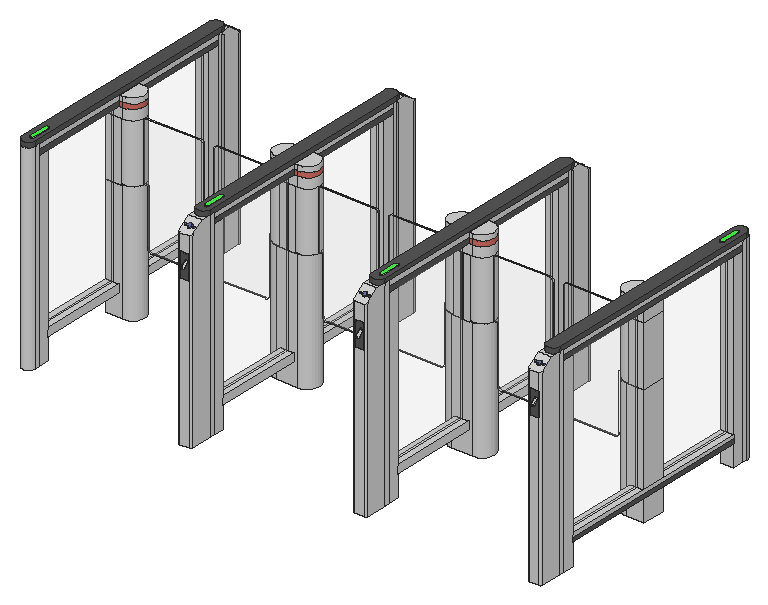
Revit family "ST-11", category Generic Models, Revit 2019
Family settings
  Can host rebar = No
  Round Connector Dimension = Use Diameter
  Part Type = Normal
  Work Plane-Based = No
  Always vertical = Yes
  Cut with Voids When Loaded = No
  Shared = No
  Room Calculation Point = No
Parameters (values of type "3 or more passes")
  Width 6b [instance] = Width 1 + Width 2a + Width 3a + Width 4a + Width 5a + Width 6a  # 2631 mm
  Width 6a [instance] = if(Number of passes in fact > 5, Width 6, 0 mm)  # 0 mm
  Width 6 [instance] = if(or(Pass type 6 = Type1, Pass type 6 = Type2), 877 mm, if(Pass type 6 = Type3, 1127 mm, if(Pass type 6 = Type4, 1227 mm, 0 mm)))  # 877 mm
  Width 5a [instance] = if(Number of passes in fact > 4, Width 5, 0 mm)  # 0 mm
  Width 5 [instance] = if(or(Pass type 5 = Type1, Pass type 5 = Type2), 877 mm, if(Pass type 5 = Type3, 1127 mm, if(Pass type 5 = Type4, 1227 mm, 0 mm)))  # 877 mm
  Width 4a [instance] = if(Number of passes in fact > 3, Width 4, 0 mm)  # 0 mm
  Width 4 [instance] = if(or(Pass type 4 = Type1, Pass type 4 = Type2), 877 mm, if(Pass type 4 = Type3, 1127 mm, if(Pass type 4 = Type4, 1227 mm, 0 mm)))  # 877 mm
  Width 3a [instance] = if(Number of passes in fact > 2, Width 3, 0 mm)  # 877 mm
  Width 3 [instance] = if(or(Pass type 3 = Type1, Pass type 3 = Type2), 877 mm, if(Pass type 3 = Type3, 1127 mm, if(Pass type 3 = Type4, 1227 mm, 0 mm)))  # 877 mm
  Width 2a [instance] = if(Number of passes in fact > 1, Width 2, 0 mm)  # 877 mm
  Width 2 [instance] = if(or(Pass type 2 = Type1, Pass type 2 = Type2), 877 mm, if(Pass type 2 = Type3, 1127 mm, if(Pass type 2 = Type4, 1227 mm, 0 mm)))  # 877 mm
  Width 1 [instance] = if(or(Pass type 1 = Type1, Pass type 1 = Type2), 877 mm, if(Pass type 1 = Type3, 1127 mm, if(Pass type 1 = Type4, 1227 mm, 0 mm)))  # 877 mm
  Type4 [instance] = Sash for ST-11 : ATG-475
  Type3 [instance] = Sash for ST-11 : ATG-425
  Type2 [instance] = Sash for ST-11 : ATG-300H
  Type1 [instance] = Sash for ST-11 : ATG-300
  Voltage = 24 V
  URL = "https://www.perco.com/products/st-11-speed-gate.php"
  Throughput rate [instance] = if(Number of passes = 1, " to 60 persons/min", if(Number of passes = 2, " to 120 persons/min", if(Number of passes = 3, " to 180 persons/min", if(Number of passes = 4, " to 240 persons/min", if(Number of passes = 5, " to 300 persons/min", if(Number of passes = 6, " to 360 persons/min", "0"))))))  # " to 180 persons/min"
  Rated power = 160 W
  Pass type 6 [instance] = Sash for ST-11 : ATG-300
  Pass type 5 [instance] = Sash for ST-11 : ATG-300
  Pass type 4 [instance] = Sash for ST-11 : ATG-300
  Pass type 3 [instance] = Sash for ST-11 : ATG-300
  Pass type 2 [instance] = Sash for ST-11 : ATG-300
  Pass type 1 [instance] = Sash for ST-11 : ATG-300
  Panel type 7 exit section [instance] = Panel FP-11C : Panel FP-11C
  Panel type 6 exit section [instance] = Panel FP-11C : Panel FP-11C
  Panel type 6 entry section [instance] = Panel FP-11C : Panel FP-11C
  Panel type 5 exit section [instance] = Panel FP-11C : Panel FP-11C
  Panel type 5 entry section [instance] = Panel FP-11C : Panel FP-11C
  Panel type 4 exit section [instance] = Panel FP-11C : Panel FP-11C
  Panel type 4 entry section [instance] = Panel FP-11C : Panel FP-11C
  Panel type 3 exit section [instance] = Panel FP-11C : Panel FP-11C
  Panel type 3 entry section [instance] = Panel FP-11C : Panel FP-11C
  Panel type 2 exit section [instance] = Panel FP-11C : Panel FP-11C
  Panel type 2 entry section [instance] = Panel FP-11C : Panel FP-11C
  Panel type 1 entry section [instance] = Panel FP-11C : Panel FP-11C
  Type 7p exit [instance] = if(Panel type 7 exit section = Type 1p, 1, if(Panel type 7 exit section = Type 2p, 2, if(Panel type 7 exit section = Type 3p, 3, 0)))  # 1
  Type 6p exit [instance] = if(Panel type 6 exit section = Type 1p, 1, if(Panel type 6 exit section = Type 2p, 2, if(Panel type 6 exit section = Type 3p, 3, 0)))  # 1
  Type 6p entry [instance] = if(Panel type 6 entry section = Type 1p, 1, if(Panel type 6 entry section = Type 2p, 2, if(Panel type 6 entry section = Type 3p, 3, 0)))  # 1
  Type 5p exit [instance] = if(Panel type 5 exit section = Type 1p, 1, if(Panel type 5 exit section = Type 2p, 2, if(Panel type 5 exit section = Type 3p, 3, 0)))  # 1
  Type 5p entry [instance] = if(Panel type 5 entry section = Type 1p, 1, if(Panel type 5 entry section = Type 2p, 2, if(Panel type 5 entry section = Type 3p, 3, 0)))  # 1
  Type 4p exit [instance] = if(Panel type 4 exit section = Type 1p, 1, if(Panel type 4 exit section = Type 2p, 2, if(Panel type 4 exit section = Type 3p, 3, 0)))  # 1
  Type 4p entry [instance] = if(Panel type 4 entry section = Type 1p, 1, if(Panel type 4 entry section = Type 2p, 2, if(Panel type 4 entry section = Type 3p, 3, 0)))  # 1
  Type 3p exit [instance] = if(Panel type 3 exit section = Type 1p, 1, if(Panel type 3 exit section = Type 2p, 2, if(Panel type 3 exit section = Type 3p, 3, 0)))  # 1
  Type 3p entry [instance] = if(Panel type 3 entry section = Type 1p, 1, if(Panel type 3 entry section = Type 2p, 2, if(Panel type 3 entry section = Type 3p, 3, 0)))  # 1
  Type 2p exit [instance] = if(Panel type 2 exit section = Type 1p, 1, if(Panel type 2 exit section = Type 2p, 2, if(Panel type 2 exit section = Type 3p, 3, 0)))  # 1
  Type 2p entry [instance] = if(Panel type 2 entry section = Type 1p, 1, if(Panel type 2 entry section = Type 2p, 2, if(Panel type 2 entry section = Type 3p, 3, 0)))  # 1
  Type lid [instance] = Lid STC-11M : Lid STC-11M
  Type l [instance] = if(Type lid = Type 1l, 1, if(Type lid = Type 2l, 2, 0))  # 1
  Type 3p [instance] = Panel FP-11Q : Panel FP-11Q
  Type 2p [instance] = Panel FP-11P : Panel FP-11P
  Type 2l [instance] = Lid STC-11S : Lid STC-11S
  Type 1p entry [instance] = if(Panel type 1 entry section = Type 1p, 1, if(Panel type 1 entry section = Type 2p, 2, if(Panel type 1 entry section = Type 3p, 3, 0)))  # 1
  Type 1p [instance] = Panel FP-11C : Panel FP-11C
  Type 1l [instance] = Lid STC-11M : Lid STC-11M
  Sashes 6 [instance] = Pass type 6  # Sash for ST-11 : ATG-300
  Sashes 5 [instance] = Pass type 5  # Sash for ST-11 : ATG-300
  Sashes 4 [instance] = Pass type 4  # Sash for ST-11 : ATG-300
  Sashes 3 [instance] = Pass type 3  # Sash for ST-11 : ATG-300
  Sashes 2 [instance] = Pass type 2  # Sash for ST-11 : ATG-300
  Sashes 1 [instance] = Pass type 1  # Sash for ST-11 : ATG-300
  Number of passes type = 3
  Number of passes in fact [instance] = if(Number of passes type = 1, 1, if(Number of passes type = 2, 2, if(Number of passes < 3, Number of passes type, Number of passes)))  # 3
  Number of passes [instance] = 3
  B sash 6 [instance] = Number of passes in fact > 5  # no
  B sash 5 [instance] = Number of passes in fact > 4  # no
  B sash 4 [instance] = Number of passes in fact > 3  # no
  B sash 3 [instance] = Number of passes in fact > 2  # yes
  B sash 2 [instance] = Number of passes in fact > 1  # yes
  B section 6 [instance] = Number of passes in fact > 5  # no
  B section 5 [instance] = Number of passes in fact > 4  # no
  B section 4 [instance] = Number of passes in fact > 3  # no
  B section 3 [instance] = Number of passes in fact > 2  # yes
  B section 2 [instance] = Number of passes in fact > 1  # yes
  Note = ""
  Name = "ST-11 Speed gate"
  Manufacturer = "PERCo"  # constant formula
  Full name = "ST-11 Speed Gate"
Types (4, lengths in mm): name | Width 6b | Width 3a | Width 2a | Throughput rate | Number of passes type | Number of passes in fact | Number of passes | B sash 3 | B sash 2 | B section 3 | B section 2
  (no name) | 2631 | 877 | 877 | " to 180 persons/min" | 3 | 3 | 3 | yes | yes | yes | yes
  1 pass | 877 | 0 | 0 | " to 60 persons/min" | 1 | 1 | 1 | no | no | no | no
  2 passes | 1754 | 0 | 877 | " to 60 persons/min" | 2 | 2 | 1 | no | yes | no | yes
  3 or more passes | 2631 | 877 | 877 | " to 180 persons/min" | 3 | 3 | 3 | yes | yes | yes | yes
Reference planes
  plane 1 "По центру (Вперед/Назад)": y = 0
  plane 2: z = 0
  plane 3 "По центру (Влево/Вправо)": x = 0
  plane 4: x = 877
  plane 5: x = 1754
  plane 6: x = 2631
  plane 7: x = 3508
  plane 8: x = 4385
  plane 9: x = 2631
  plane 10: x = 113.5
  plane 11: x = 763.5
  plane 12: x = 990.5
  plane 13: x = 1640.5
  plane 14: x = 1867.5
  plane 15: x = 2517.5
  plane 16: x = 2744.5
  plane 17: x = 3394.5
  plane 18: x = 3621.5
  plane 19: x = 4271.5
  plane 20: x = 4498.5
  plane 21: x = 2517.5
  plane 22: x = 2631
  plane 23: x = 438.5
Lines and regions (mm)
  model lines
    curve 1: line (0, 0, 0) -> (0, 0, 70)
    curve 2: line (877, 0, 0) -> (877, 0, 70)
    curve 3: line (1754, 0, 0) -> (1754, 0, 70)
    curve 4: line (2631, 0, 0) -> (2631, 0, 70)
    curve 5: line (3508, 0, 0) -> (3508, 0, 70)
    curve 6: line (4385, 0, 0) -> (4385, 0, 70)
    curve 7: line (2631, 0, 0) -> (2631, 0, 70)
Dimensions and locks
  "Width 1": plane 3 "По центру (Влево/Вправо)" to plane 4
  "Width 2": plane 4 to plane 5
  "Width 3": plane 5 to plane 6
  "Width 4": plane 6 to plane 7
  "Width 5": plane 7 to plane 8
  "Width 6b": plane 3 "По центру (Влево/Вправо)" to plane 9
  locked: plane 3 "По центру (Влево/Вправо)" to plane 10 at 113.5
  plane 11 to plane 4 to plane 12 = 113.5 mm locked, 113.5 mm locked
  plane 13 to plane 5 to plane 14 = 113.5 mm locked, 113.5 mm locked
  plane 15 to plane 6 to plane 16 = 113.5 mm locked, 113.5 mm locked
  plane 17 to plane 7 to plane 18 = 113.5 mm locked, 113.5 mm locked
  plane 19 to plane 8 to plane 20 = 113.5 mm locked, 113.5 mm locked
  locked: plane 21 to plane 9 at 113.5
  equal spacing: plane 3 "По центру (Влево/Вправо)", plane 23, plane 4
  aligned and locked: level to plane 2
  aligned and locked: plane 9 to nested 7
  aligned and locked: plane 1 "По центру (Вперед/Назад)" to nested 7
  aligned and locked: plane 8 to nested 6
  aligned and locked: plane 1 "По центру (Вперед/Назад)" to nested 6
  aligned and locked: plane 7 to nested 5
  aligned and locked: plane 1 "По центру (Вперед/Назад)" to nested 5
  aligned and locked: plane 6 to nested 4
  aligned and locked: plane 1 "По центру (Вперед/Назад)" to nested 4
  aligned and locked: plane 5 to nested 3
  aligned and locked: plane 1 "По центру (Вперед/Назад)" to nested 3
  aligned and locked: plane 4 to nested 2
  aligned and locked: plane 1 "По центру (Вперед/Назад)" to nested 2
  aligned and locked: plane 3 "По центру (Влево/Вправо)" to nested 1
  aligned and locked: plane 1 "По центру (Вперед/Назад)" to nested 1
  aligned and locked: nested 8 to plane 10
  aligned and locked: plane 18 to nested 12
  aligned and locked: plane 16 to nested 11
  aligned and locked: plane 14 to nested 10
  aligned and locked: nested 19 to plane 21
  aligned and locked: nested 18 to plane 19
  aligned and locked: nested 17 to plane 17
  aligned and locked: nested 16 to plane 15
  aligned and locked: nested 15 to plane 13
  aligned and locked: nested 14 to plane 11
  aligned and locked: plane 12 to nested 9
  aligned and locked: plane 20 to nested 13
  aligned and locked: plane 3 "По центру (Влево/Вправо)" to curve 1
  aligned and locked: plane 4 to curve 2
  aligned and locked: plane 5 to curve 3
  aligned and locked: plane 6 to curve 4
  aligned and locked: plane 7 to curve 5
  aligned and locked: plane 8 to curve 6
  aligned and locked: plane 9 to curve 7
  aligned and locked: plane 23 to nested 20
Automatic sketch dimensions
  curve 1 to level = 0 mm
  curve 6 to level = 0 mm
  curve 2 to level = 0 mm
  curve 5 to level = 0 mm
  curve 3 to level = 0 mm
  curve 4 to level = 0 mm
  curve 7 to level = 0 mm
  level to curve 2 = 70 mm
  level to curve 5 = 70 mm
  level to curve 1 = 70 mm
  level to curve 6 = 70 mm
  level to curve 4 = 70 mm
  level to curve 3 = 70 mm
  level to curve 7 = 70 mm
Nested families
  nested 1: "Section Master-ST 11" at (0, 0, 0), type "Section Master-ST 11"
    with Type3p none, Type2p none, Type2 none, Type1p none, Type1 none, Type panel none, Type p entry 1, Type lid none, Type 1
  nested 2: "Section Bilateral-ST 11" at (877, 0, 0), visible <- "B section 2", type "Section Bilateral-ST 11"
    with Type3p none, Type2p none, Type2 none, Type1p none, Type1 none, Type panel exit none, Type panel entry none, Type p exit 1, Type p entry 1, Type lid none, Type 1
  nested 3: "Section Bilateral-ST 11" at (1754, 0, 0), visible <- "B section 3", type "Section Bilateral-ST 11"
    with Type3p none, Type2p none, Type2 none, Type1p none, Type1 none, Type panel exit none, Type panel entry none, Type p exit 1, Type p entry 1, Type lid none, Type 1
  nested 4: "Section Bilateral-ST 11" at (2631, 0, 0), visible <- "B section 4", type "Section Bilateral-ST 11"
    with Type3p none, Type2p none, Type2 none, Type1p none, Type1 none, Type panel exit none, Type panel entry none, Type p exit 1, Type p entry 1, Type lid none, Type 1
  nested 5: "Section Bilateral-ST 11" at (3508, 0, 0), visible <- "B section 5", type "Section Bilateral-ST 11"
    with Type3p none, Type2p none, Type2 none, Type1p none, Type1 none, Type panel exit none, Type panel entry none, Type p exit 1, Type p entry 1, Type lid none, Type 1
  nested 6: "Section Bilateral-ST 11" at (4385, 0, 0), visible <- "B section 6", type "Section Bilateral-ST 11"
    with Type3p none, Type2p none, Type2 none, Type1p none, Type1 none, Type panel exit none, Type panel entry none, Type p exit 1, Type p entry 1, Type lid none, Type 1
  nested 7: "Section Slave-ST 11" at (2631, 0, 0), type "Sectionя Slave-ST 11"
    with Type3p none, Type2p none, Type2 none, Type1p none, Type1 none, Type panel none, Type p entry 1, Type lid none, Type 1
  nested 8: "Sash for ST-11" at (113.5, 0, 0), type <- "Sashes 1", type "ATG-300"
  nested 9: "Sash for ST-11" at (990.5, 0, 0), type <- "Sashes 2", visible <- "B sash 2", type "ATG-300"
  nested 10: "Sash for ST-11" at (1867.5, 0, 0), type <- "Sashes 3", visible <- "B sash 3", type "ATG-300"
  nested 11: "Sash for ST-11" at (2744.5, 0, 0), type <- "Sashes 4", visible <- "B sash 4", type "ATG-300"
  nested 12: "Sash for ST-11" at (3621.5, 0, 0), type <- "Sashes 5", visible <- "B sash 5", type "ATG-300"
  nested 13: "Sash for ST-11" at (4498.5, 0, 0), type <- "Sashes 6", visible <- "B sash 6", type "ATG-300"
  nested 14: "Sash for ST-11" at (763.5, 0, 0) x (-1, 0, 0) z (0, 0, 1), type <- "Sashes 1", type "ATG-300"
  nested 15: "Sash for ST-11" at (1640.5, 0, 0) x (-1, 0, 0) z (0, 0, 1), type <- "Sashes 2", visible <- "B sash 2", type "ATG-300"
  nested 16: "Sash for ST-11" at (2517.5, 0, 0) x (-1, 0, 0) z (0, 0, 1), type <- "Sashes 3", visible <- "B sash 3", type "ATG-300"
  nested 17: "Sash for ST-11" at (3394.5, 0, 0) x (-1, 0, 0) z (0, 0, 1), type <- "Sashes 4", visible <- "B sash 4", type "ATG-300"
  nested 18: "Sash for ST-11" at (4271.5, 0, 0) x (-1, 0, 0) z (0, 0, 1), type <- "Sashes 5", visible <- "B sash 5", type "ATG-300"
  nested 19: "Sash for ST-11" at (2517.5, 0, 0) x (-1, 0, 0) z (0, 0, 1), type <- "Sashes 6", visible <- "B sash 6", type "ATG-300"
  nested 20: "Arrow" at (438.5, 600, 0), type "Arrow"
Connectors
  electrical at (0, 0, 0)
    settings: on curve 1, index 1, voltage 24 V, apparent load 160 VA, apparent load phase1 0 VA, apparent load phase2 0 VA, apparent load phase3 0 VA, power factor 1, load classification "Others", number of poles 1, system type 30, power factor state 1, is connector primary yes, connector utility no, sub classification motor no, connector description ""
  electrical at (877, 0, 0)
    settings: on curve 2, index 2, voltage 24 V, apparent load 160 VA, apparent load phase1 0 VA, apparent load phase2 0 VA, apparent load phase3 0 VA, power factor 1, load classification "Others", number of poles 1, system type 30, power factor state 1, is connector primary no, connector utility no, sub classification motor no, connector description ""
  electrical at (1754, 0, 0)
    settings: on curve 3, index 3, voltage 24 V, apparent load 160 VA, apparent load phase1 0 VA, apparent load phase2 0 VA, apparent load phase3 0 VA, power factor 1, load classification "Others", number of poles 1, system type 30, power factor state 1, is connector primary no, connector utility no, sub classification motor no, connector description ""
  electrical at (2631, 0, 0)
    settings: on curve 4, index 4, voltage 24 V, apparent load 160 VA, apparent load phase1 0 VA, apparent load phase2 0 VA, apparent load phase3 0 VA, power factor 1, load classification "Others", number of poles 1, system type 30, power factor state 1, is connector primary no, connector utility no, sub classification motor no, connector description ""
  electrical at (3508, 0, 0)
    settings: on curve 5, index 5, voltage 24 V, apparent load 160 VA, apparent load phase1 0 VA, apparent load phase2 0 VA, apparent load phase3 0 VA, power factor 1, load classification "Others", number of poles 1, system type 30, power factor state 1, is connector primary no, connector utility no, sub classification motor no, connector description ""
  electrical at (4385, 0, 0)
    settings: on curve 6, index 6, voltage 24 V, apparent load 160 VA, apparent load phase1 0 VA, apparent load phase2 0 VA, apparent load phase3 0 VA, power factor 1, load classification "Others", number of poles 1, system type 30, power factor state 1, is connector primary no, connector utility no, sub classification motor no, connector description ""
  electrical at (2631, 0, 0)
    settings: on curve 7, index 7, voltage 24 V, apparent load 160 VA, apparent load phase1 0 VA, apparent load phase2 0 VA, apparent load phase3 0 VA, power factor 1, load classification "Others", number of poles 1, system type 30, power factor state 1, is connector primary no, connector utility no, sub classification motor no, connector description ""
Definition of nested family "Section Master-ST 11"
  Parameters (values of type "Section Master-ST 11")
    Type3p [instance] = Panel FP-11Q : Panel FP-11Q
    Type2p [instance] = Panel FP-11P : Panel FP-11P
    Type2 [instance] = Lid STC-11S : Master
    Type1p [instance] = Panel FP-11C : Panel FP-11C
    Type1 [instance] = Lid STC-11M : Master
    Type panel [instance] = if(Type p entry = 1, Type1p, if(Type p entry = 2, Type2p, if(Type p entry = 3, Type3p, Type1p)))  # Panel FP-11C : Panel FP-11C
    Type p entry [instance] = 1
    Type lid [instance] = if(Type = 1, Type1, if(Type = 2, Type2, Type1))  # Lid STC-11M : Master
    Type [instance] = 1
    URL = "https://www.perco.com/products/st-11-speed-gate.php"
    Throughput rate = "60 persons/min"
    Operating temperature = "from +1°С to +50°С"
    Name = "ST-11 Speed gate"
    Manufacturer = "PERCo"  # constant formula
    Full name = "ST-11 Speed Gate"
    Electrical connection = "220 V"
    Dimensions = "1236×944×1022 mm with ATG-300 Swing panels"
    Current = "6,5 A"
    Rated power = "160 W"
    Operating voltage = "24 V DC"
    Material = "Sections – stainless steel.\r\nFiller panels – 8 mm tempered glass.\r\nTop covers – artificial quartz stone or stainless steel."
    Weight = "from 136 kg"
    Numbers = 1
    Unit of measurement = "pcs"
  Reference planes
    plane 1 "По центру (Вперед/Назад)": y = 0
    plane 2: z = 0
    plane 3 "По центру (Влево/Вправо)": x = 0
  Forms (mm)
    Extrusion 1, solid
      sketch origin (0, 0, 0) x (1, 0, 0) y (0, 1, 0)
        loop
          line (-33.5, 564.5) -> (33.5, 564.5) -> (33.5, 584.5)
          arc (33.5, 584.5) -> (0, 618) -> (-33.5, 584.5) r 33.5
          line (-33.5, 584.5) -> (-33.5, 564.5)
        loop
          line (-33.5, -564.5) -> (-33.5, -584.5)
          arc (-33.5, -584.5) -> (0, -618) -> (33.5, -584.5) r 33.5
          line (33.5, -584.5) -> (33.5, -564.5) -> (-33.5, -564.5)
      from 0 to 1000
    Extrusion 2, solid
      sketch origin (0, 0, 0) x (1, 0, 0) y (0, 1, 0)
        loop
          line (-33.5, 564.5) -> (-33.5, -564.5) -> (33.5, -564.5) -> (33.5, 564.5) -> (-33.5, 564.5)
      from 975 to 1000
    Extrusion 3, solid
      sketch origin (0, 0, 0) x (1, 0, 0) y (0, 1, 0)
        loop
          line (-33.5, 564.5) -> (-33.5, -564.5) -> (33.5, -564.5) -> (33.5, 564.5) -> (-33.5, 564.5)
      from 950 to 975
    Extrusion 4, solid
      sketch origin (0, 0, 0) x (1, 0, 0) y (0, 1, 0)
        loop
          line (-33.5, 564.5) -> (-33.5, 504.513) -> (33.5, 504.513) -> (33.5, 564.5) -> (-33.5, 564.5)
        loop
          line (-33.5, -504.513) -> (-33.5, -564.5) -> (33.5, -564.5) -> (33.5, -504.513) -> (-33.5, -504.513)
      from 0 to 950
    Extrusion 5, solid
      sketch origin (0, 0, 0) x (1, 0, 0) y (0, 1, 0)
        loop
          line (-33.5, 504.513) -> (-33.5, -504.513) -> (33.5, -504.513) -> (33.5, 504.513) -> (-33.5, 504.513)
      from 130 to 150
    Extrusion 6, solid
      sketch origin (0, 0, 0) x (1, 0, 0) y (0, 1, 0)
        loop
          line (-33.5, 504.513) -> (-33.5, -504.513) -> (33.5, -504.513) -> (33.5, 504.513) -> (-33.5, 504.513)
      from 110 to 130
    Extrusion 7, solid
      sketch origin (-26.5, 0, 0) x (1, 0, 0) y (0, 1, 0)
        loop
          arc (80, -60) -> (140, 0) -> (80, 60) r 60
          line (80, 60) -> (-7, 60) -> (-7, -60) -> (80, -60)
      from 0 to 600
    Extrusion 8, solid
      sketch origin (-21.5, 0, 0) x (1, 0, 0) y (0, 1, 0)
        loop
          circle (80, 0) r 55
      from 601 to 899
    Extrusion 9, solid
      sketch origin (-26.5, 0, 0) x (1, 0, 0) y (0, 1, 0)
        loop
          arc (80, -60) -> (140, 0) -> (80, 60) r 60
          line (80, 60) -> (-7, 60) -> (-7, -60) -> (80, -60)
      from 900 to 950
    Extrusion 10, solid
      sketch origin (-15, 0, 0) x (1, 0, 0) y (0, 1, 0)
        loop
          arc (15, 0) -> (25.917, 36.056) -> (55, 60) r 65
          line (55, 60) -> (-18.5, 60) -> (-18.5, -60) -> (55, -60)
          arc (55, -60) -> (25.917, -36.056) -> (15, 0) r 65
      from 600 to 900
    Extrusion 11, solid
      sketch origin (-26.5, 0, 0) x (1, 0, 0) y (0, 1, 0)
        loop
          line (80, 60) -> (60, 60) -> (60, -60) -> (80, -60)
          arc (80, -60) -> (140, 0) -> (80, 60) r 60
      from 975 to 1000
    Extrusion 12, solid
      sketch origin (-26.5, 0, 0) x (1, 0, 0) y (0, 1, 0)
        loop
          line (80, 60) -> (60, 60) -> (60, -60) -> (80, -60)
          arc (80, -60) -> (140, 0) -> (80, 60) r 60
      from 950 to 975
    Extrusion 13, solid
      sketch origin (0, 0, 0) x (0, 1, 0) y (0, 0, 1)
        loop
          line (504.513, 950) -> (60, 950) -> (60, 150) -> (504.513, 150) -> (504.513, 950)
        loop
          line (-60, 150) -> (-60, 950) -> (-504.513, 950) -> (-504.513, 150) -> (-60, 150)
      from -5 to 5
  Cuts and joins
    joined: Extrusion 5, Extrusion 6, Extrusion 7
  Dimensions and locks
    aligned and locked: level to plane 2
  Nested families
    nested 1: "Lid STC-11M" at (0, 0, 1000), type <- "Type lid", type "Master"
    nested 2: "Panel FP-11C" at (0, 564.5, 0), type <- "Type panel", type "Panel FP-11C"
  Definition of nested family "Lid STC-11M"
    Parameters (values of type "Slave")
      Bottom = yes
      Top = no
    Types (3, lengths in mm): name | Bottom | Top
      Master | no | yes
      Slave | yes | no
      Bilateral | yes | yes
    Reference planes
      plane 1 "По центру (Вперед/Назад)": y = 0
      plane 2: z = 0
      plane 3 "По центру (Влево/Вправо)": x = 0
    Forms (mm)
      Extrusion 1, solid
        sketch origin (0, 0, 0) x (1, 0, 0) y (0, 1, 0)
          loop
            arc (-33.5, -584.5) -> (0, -618) -> (33.5, -584.5) r 33.5
            line (33.5, -584.5) -> (33.5, 584.5)
            arc (33.5, 584.5) -> (0, 618) -> (-33.5, 584.5) r 33.5
            line (-33.5, 584.5) -> (-33.5, -584.5)
        from 0 to 22
      Extrusion 2, solid, visible <- "Bottom"
        sketch origin (0, 274.425, 0) x (1, 0, 0) y (0, 1, 0)
          loop
            arc (-10, -837.425) -> (0, -847.425) -> (10, -837.425) r 10
            line (10, -837.425) -> (10, -747.425)
            arc (10, -747.425) -> (0, -737.425) -> (-10, -747.425) r 10
            line (-10, -747.425) -> (-10, -837.425)
        from 22 to 23
      Extrusion 3, solid, visible <- "Top"
        sketch origin (0, -274.425, 0) x (1, 0, 0) y (0, 1, 0)
          loop
            line (-10, 837.425) -> (-10, 747.425)
            arc (-10, 747.425) -> (0, 737.425) -> (10, 747.425) r 10
            line (10, 747.425) -> (10, 837.425)
            arc (10, 837.425) -> (0, 847.425) -> (-10, 837.425) r 10
        from 22 to 23
    Dimensions and locks
      aligned and locked: level to plane 2
  Definition of nested family "Panel FP-11C"
    Reference planes
      plane 1 "По центру (Вперед/Назад)": y = 0
      plane 2: z = 0
      plane 3 "По центру (Влево/Вправо)": x = 0
    Forms (mm)
      Extrusion 1, solid
        sketch origin (0, -840, 0) x (1, 0, 0) y (0, 1, 0)
          loop
            line (33.5, 840) -> (33.5, 968)
            arc (33.5, 968) -> (30.571, 975.071) -> (23.5, 978) r 10
            line (23.5, 978) -> (-23.5, 978)
            arc (-23.5, 978) -> (-30.571, 975.071) -> (-33.5, 968) r 10
            line (-33.5, 968) -> (-33.5, 840) -> (33.5, 840)
        from 0 to 1000
      Extrusion 2, void
        sketch origin (0, -840, 0) x (0, 1, 0) y (0, 0, 1)
          loop
            line (910, 1000) -> (978, 952.386) -> (978, 1000) -> (910, 1000)
        from -60 to 60
      Extrusion 3, solid
        sketch origin (-28.755, 81.88, 991.681) x (0, 0.819152, -0.573576) y (-1, 0, 0)
          loop
            arc (30.949, -8.529) -> (27.224, -4.804) -> (23.499, -8.529) r 3.725
            line (23.499, -8.529) -> (23.499, -20.514)
            arc (23.499, -20.514) -> (17.224, -29.794) -> (23.499, -39.074) r 10
            line (23.499, -39.074) -> (23.499, -51.059)
            arc (23.499, -51.059) -> (27.224, -54.784) -> (30.949, -51.059) r 3.725
            line (30.949, -51.059) -> (30.949, -39.074)
            arc (30.949, -39.074) -> (37.224, -29.794) -> (30.949, -20.514) r 10
            line (30.949, -20.514) -> (30.949, -8.529)
        from 0 to 1
      Extrusion 4, solid
        sketch origin (0, -752, 15) x (1, 0, 0) y (0, 0, 1)
          loop
            line (0, 855) -> (-20, 855) -> (-20, 735) -> (20, 735) -> (20, 855) -> (0, 855)
          loop
            line (13.684, 792.199) -> (-3.921, 825.309) -> (-17.166, 818.267) -> (0.44, 785.157) -> (-2.871, 783.396) -> (13.356, 776.84) -> (16.995, 793.959) -> (13.684, 792.199)
        from -891 to -890
      Extrusion 5, solid
        sketch origin (0, -752, 15) x (1, 0, 0) y (0, 0, 1)
          loop
            line (-10.544, 821.788) -> (-17.166, 818.267) -> (0.44, 785.157) -> (-2.871, 783.396) -> (13.356, 776.84) -> (16.995, 793.959) -> (13.684, 792.199) -> (-3.921, 825.309) -> (-10.544, 821.788)
        from -891 to -890
    Cuts and joins
      Extrusion 2 cuts Extrusion 1
    Dimensions and locks
      aligned and locked: level to plane 2
Definition of nested family "Section Bilateral-ST 11"
  Parameters (values of type "Section Bilateral-ST 11")
    Type3p [instance] = Panel FP-11Q : Panel FP-11Q
    Type2p [instance] = Panel FP-11P : Panel FP-11P
    Type2 [instance] = Lid STC-11S : Bilateral
    Type1p [instance] = Panel FP-11C : Panel FP-11C
    Type1 [instance] = Lid STC-11M : Bilateral
    Type panel exit [instance] = if(Type p exit = 1, Type1p, if(Type p exit = 2, Type2p, if(Type p exit = 3, Type3p, Type1p)))  # Panel FP-11C : Panel FP-11C
    Type panel entry [instance] = if(Type p entry = 1, Type1p, if(Type p entry = 2, Type2p, if(Type p entry = 3, Type3p, Type1p)))  # Panel FP-11C : Panel FP-11C
    Type p exit [instance] = 1
    Type p entry [instance] = 1
    Type lid [instance] = if(Type = 1, Type1, if(Type = 2, Type2, Type1))  # Lid STC-11M : Bilateral
    Type [instance] = 1
    URL = "https://www.perco.com/products/st-11-speed-gate.php"
    Throughput rate = "60 persons/min"
    Operating temperature = "from +1°С to +50°С"
    Name = "ST-11 Speed gate"
    Manufacturer = "PERCo"  # constant formula
    Full name = "ST-11 Speed Gate"
    Rated power = "160 W"
    Operating voltage = "24 V DC"
    Material = "Sections – stainless steel.\r\nFiller panels – 8 mm tempered glass.\r\nSwing panels – 10 mm tempered glass.\r\nTop covers – artificial quartz stone or stainless steel."
    Weight = "from 136 kg"
    Number = 1
    Unit of measurement = "pcs"
    Electrical connection = "220 V"
    Dimensions = "1236×944×1022 mm with ATG-300 Swing panels"
    Current = "6,5 A"
  Reference planes
    plane 1 "По центру (Вперед/Назад)": y = 0
    plane 2: z = 0
    plane 3 "По центру (Влево/Вправо)": x = 0
  Forms (mm)
    Extrusion 1, solid
      sketch origin (0, 0, 0) x (1, 0, 0) y (0, 1, 0)
        loop
          line (-33.5, 564.5) -> (33.5, 564.5) -> (33.5, 584.5)
          arc (33.5, 584.5) -> (0, 618) -> (-33.5, 584.5) r 33.5
          line (-33.5, 584.5) -> (-33.5, 564.5)
        loop
          line (-33.5, -564.5) -> (-33.5, -584.5)
          arc (-33.5, -584.5) -> (0, -618) -> (33.5, -584.5) r 33.5
          line (33.5, -584.5) -> (33.5, -564.5) -> (-33.5, -564.5)
      from 0 to 1000
    Extrusion 2, solid
      sketch origin (0, 0, 0) x (1, 0, 0) y (0, 1, 0)
        loop
          line (-33.5, 564.5) -> (-33.5, -564.5) -> (33.5, -564.5) -> (33.5, 564.5) -> (-33.5, 564.5)
      from 975 to 1000
    Extrusion 3, solid
      sketch origin (0, 0, 0) x (1, 0, 0) y (0, 1, 0)
        loop
          line (-33.5, 564.5) -> (-33.5, -564.5) -> (33.5, -564.5) -> (33.5, 564.5) -> (-33.5, 564.5)
      from 950 to 975
    Extrusion 4, solid
      sketch origin (0, 0, 0) x (1, 0, 0) y (0, 1, 0)
        loop
          line (-33.5, 564.5) -> (-33.5, 504.513) -> (33.5, 504.513) -> (33.5, 564.5) -> (-33.5, 564.5)
        loop
          line (-33.5, -564.5) -> (33.5, -564.5) -> (33.5, -504.513) -> (-33.5, -504.513) -> (-33.5, -564.5)
      from 0 to 950
    Extrusion 5, solid
      sketch origin (0, 0, 0) x (1, 0, 0) y (0, 1, 0)
        loop
          line (-33.5, 504.513) -> (-33.5, -504.513) -> (33.5, -504.513) -> (33.5, 504.513) -> (-33.5, 504.513)
      from 130 to 150
    Extrusion 6, solid
      sketch origin (0, 0, 0) x (1, 0, 0) y (0, 1, 0)
        loop
          line (-33.5, 504.513) -> (-33.5, -504.513) -> (33.5, -504.513) -> (33.5, 504.513) -> (-33.5, 504.513)
      from 110 to 130
    Extrusion 7, solid
      sketch origin (0, 0, 0) x (0, 1, 0) y (0, 0, 1)
        loop
          line (504.513, 950) -> (60, 950) -> (60, 150) -> (504.513, 150) -> (504.513, 950)
        loop
          line (-60, 150) -> (-60, 950) -> (-504.513, 950) -> (-504.513, 150) -> (-60, 150)
      from -5 to 5
    Extrusion 8, solid
      sketch origin (26.5, 0, 0) x (-1, 0, 0) y (0, -1, 0)
        loop
          line (80, 60) -> (-27, 60)
          arc (-27, 60) -> (-87, 0) -> (-27, -60) r 60
          line (-27, -60) -> (80, -60)
          arc (80, -60) -> (140, 0) -> (80, 60) r 60
      from 0 to 600
    Extrusion 9, solid
      sketch origin (21.5, 0, 0) x (-1, 0, 0) y (0, -1, 0)
        loop
          circle (80, 0) r 55
      from 601 to 899
    Extrusion 10, solid
      sketch origin (26.5, 0, 0) x (-1, 0, 0) y (0, -1, 0)
        loop
          line (80, 60) -> (-27, 60)
          arc (-27, 60) -> (-87, 0) -> (-27, -60) r 60
          line (-27, -60) -> (80, -60)
          arc (80, -60) -> (140, 0) -> (80, 60) r 60
      from 900 to 950
    Extrusion 11, solid
      sketch origin (15, 0, 0) x (-1, 0, 0) y (0, -1, 0)
        loop
          arc (15, 0) -> (25.917, 36.056) -> (55, 60) r 65
          line (55, 60) -> (14, 60) -> (14, -60) -> (55, -60)
          arc (55, -60) -> (25.917, -36.056) -> (15, 0) r 65
      from 600 to 900
    Extrusion 12, solid
      sketch origin (26.5, 0, 0) x (-1, 0, 0) y (0, -1, 0)
        loop
          arc (80, -60) -> (140, 0) -> (80, 60) r 60
          line (80, 60) -> (60, 60) -> (60, -60) -> (80, -60)
      from 975 to 1000
    Extrusion 13, solid
      sketch origin (26.5, 0, 0) x (-1, 0, 0) y (0, -1, 0)
        loop
          arc (80, -60) -> (140, 0) -> (80, 60) r 60
          line (80, 60) -> (60, 60) -> (60, -60) -> (80, -60)
      from 950 to 975
    Extrusion 14, solid
      sketch origin (-15, 0, 0) x (1, 0, 0) y (0, 1, 0)
        loop
          arc (15, 0) -> (25.917, 36.056) -> (55, 60) r 65
          line (55, 60) -> (14, 60) -> (14, -60) -> (55, -60)
          arc (55, -60) -> (25.917, -36.056) -> (15, 0) r 65
      from 600 to 900
    Extrusion 15, solid
      sketch origin (-21.5, 0, 0) x (1, 0, 0) y (0, 1, 0)
        loop
          circle (80, 0) r 55
      from 601 to 899
    Extrusion 16, solid
      sketch origin (-26.5, 0, 0) x (1, 0, 0) y (0, 1, 0)
        loop
          line (80, 60) -> (60, 60) -> (60, -60) -> (80, -60)
          arc (80, -60) -> (140, 0) -> (80, 60) r 60
      from 975 to 1000
    Extrusion 17, solid
      sketch origin (-26.5, 0, 0) x (1, 0, 0) y (0, 1, 0)
        loop
          line (80, 60) -> (60, 60) -> (60, -60) -> (80, -60)
          arc (80, -60) -> (140, 0) -> (80, 60) r 60
      from 950 to 975
  Cuts and joins
    joined: Extrusion 5, Extrusion 6, Extrusion 8
  Dimensions and locks
    aligned and locked: level to plane 2
  Nested families
    nested 1: "Lid STC-11M" at (0, 0, 1000), type <- "Type lid", type "Bilateral"
    nested 2: "Panel FP-11C" at (0, -564.5, 0) x (-1, 0, 0) z (0, 0, 1), type <- "Type panel exit", type "Panel FP-11C"
    nested 3: "Panel FP-11C" at (0, 564.5, 0), type <- "Type panel entry", type "Panel FP-11C"
  Definition of nested family "Lid STC-11M"
    Parameters (values of type "Slave")
      Bottom = yes
      Top = no
    Types (3, lengths in mm): name | Bottom | Top
      Master | no | yes
      Slave | yes | no
      Bilateral | yes | yes
    Reference planes
      plane 1 "По центру (Вперед/Назад)": y = 0
      plane 2: z = 0
      plane 3 "По центру (Влево/Вправо)": x = 0
    Forms (mm)
      Extrusion 1, solid
        sketch origin (0, 0, 0) x (1, 0, 0) y (0, 1, 0)
          loop
            arc (-33.5, -584.5) -> (0, -618) -> (33.5, -584.5) r 33.5
            line (33.5, -584.5) -> (33.5, 584.5)
            arc (33.5, 584.5) -> (0, 618) -> (-33.5, 584.5) r 33.5
            line (-33.5, 584.5) -> (-33.5, -584.5)
        from 0 to 22
      Extrusion 2, solid, visible <- "Bottom"
        sketch origin (0, 274.425, 0) x (1, 0, 0) y (0, 1, 0)
          loop
            arc (-10, -837.425) -> (0, -847.425) -> (10, -837.425) r 10
            line (10, -837.425) -> (10, -747.425)
            arc (10, -747.425) -> (0, -737.425) -> (-10, -747.425) r 10
            line (-10, -747.425) -> (-10, -837.425)
        from 22 to 23
      Extrusion 3, solid, visible <- "Top"
        sketch origin (0, -274.425, 0) x (1, 0, 0) y (0, 1, 0)
          loop
            line (-10, 837.425) -> (-10, 747.425)
            arc (-10, 747.425) -> (0, 737.425) -> (10, 747.425) r 10
            line (10, 747.425) -> (10, 837.425)
            arc (10, 837.425) -> (0, 847.425) -> (-10, 837.425) r 10
        from 22 to 23
    Dimensions and locks
      aligned and locked: level to plane 2
  Definition of nested family "Panel FP-11C"
    Reference planes
      plane 1 "По центру (Вперед/Назад)": y = 0
      plane 2: z = 0
      plane 3 "По центру (Влево/Вправо)": x = 0
    Forms (mm)
      Extrusion 1, solid
        sketch origin (0, -840, 0) x (1, 0, 0) y (0, 1, 0)
          loop
            line (33.5, 840) -> (33.5, 968)
            arc (33.5, 968) -> (30.571, 975.071) -> (23.5, 978) r 10
            line (23.5, 978) -> (-23.5, 978)
            arc (-23.5, 978) -> (-30.571, 975.071) -> (-33.5, 968) r 10
            line (-33.5, 968) -> (-33.5, 840) -> (33.5, 840)
        from 0 to 1000
      Extrusion 2, void
        sketch origin (0, -840, 0) x (0, 1, 0) y (0, 0, 1)
          loop
            line (910, 1000) -> (978, 952.386) -> (978, 1000) -> (910, 1000)
        from -60 to 60
      Extrusion 3, solid
        sketch origin (-28.755, 81.88, 991.681) x (0, 0.819152, -0.573576) y (-1, 0, 0)
          loop
            arc (30.949, -8.529) -> (27.224, -4.804) -> (23.499, -8.529) r 3.725
            line (23.499, -8.529) -> (23.499, -20.514)
            arc (23.499, -20.514) -> (17.224, -29.794) -> (23.499, -39.074) r 10
            line (23.499, -39.074) -> (23.499, -51.059)
            arc (23.499, -51.059) -> (27.224, -54.784) -> (30.949, -51.059) r 3.725
            line (30.949, -51.059) -> (30.949, -39.074)
            arc (30.949, -39.074) -> (37.224, -29.794) -> (30.949, -20.514) r 10
            line (30.949, -20.514) -> (30.949, -8.529)
        from 0 to 1
      Extrusion 4, solid
        sketch origin (0, -752, 15) x (1, 0, 0) y (0, 0, 1)
          loop
            line (0, 855) -> (-20, 855) -> (-20, 735) -> (20, 735) -> (20, 855) -> (0, 855)
          loop
            line (13.684, 792.199) -> (-3.921, 825.309) -> (-17.166, 818.267) -> (0.44, 785.157) -> (-2.871, 783.396) -> (13.356, 776.84) -> (16.995, 793.959) -> (13.684, 792.199)
        from -891 to -890
      Extrusion 5, solid
        sketch origin (0, -752, 15) x (1, 0, 0) y (0, 0, 1)
          loop
            line (-10.544, 821.788) -> (-17.166, 818.267) -> (0.44, 785.157) -> (-2.871, 783.396) -> (13.356, 776.84) -> (16.995, 793.959) -> (13.684, 792.199) -> (-3.921, 825.309) -> (-10.544, 821.788)
        from -891 to -890
    Cuts and joins
      Extrusion 2 cuts Extrusion 1
    Dimensions and locks
      aligned and locked: level to plane 2
Definition of nested family "Section Slave-ST 11"
  Parameters (values of type "Section Slave-ST 11")
    Weight = "from 136 kg"
    Unit of measurement = "pcs"
    URL = "https://www.perco.com/products/st-11-speed-gate.php"
    Type3p [instance] = Panel FP-11Q : Panel FP-11Q
    Type2p [instance] = Panel FP-11P : Panel FP-11P
    Type2 [instance] = Lid STC-11S : Master
    Type1p [instance] = Panel FP-11C : Panel FP-11C
    Type1 [instance] = Lid STC-11M : Slave
    Type panel [instance] = if(Type p entry = 1, Type1p, if(Type p entry = 2, Type2p, if(Type p entry = 3, Type3p, Type1p)))  # Panel FP-11C : Panel FP-11C
    Type p entry [instance] = 1
    Type lid [instance] = if(Type = 1, Type1, if(Type = 2, Type2, Type1))  # Lid STC-11M : Slave
    Type [instance] = 1
    Throughput rate = "60 persons/min"
    Rated power = "160 W"
    Operating voltage = "24 V DC"
    Operating temperature = "from +1°С to +50°С"
    Number = 1
    Name = "ST-11 Speed gate"
    Material = "Sections – stainless steel.\r\nFiller panels – 8 mm tempered glass.\r\nTop covers – artificial quartz stone or stainless steel."
    Manufacturer = "PERCo"  # constant formula
    Full name = "ST-11 Speed Gate"
    Electrical connection = "220 V"
    Dimensions = "1236×944×1022 mm with ATG-300 Swing panels"
    Current = "6,5 A"
  Reference planes
    plane 1 "По центру (Вперед/Назад)": y = 0
    plane 2: z = 0
    plane 3 "По центру (Влево/Вправо)": x = 0
  Forms (mm)
    Extrusion 1, solid
      sketch origin (0, 0, 0) x (1, 0, 0) y (0, 1, 0)
        loop
          line (-33.5, 564.5) -> (33.5, 564.5) -> (33.5, 584.5)
          arc (33.5, 584.5) -> (0, 618) -> (-33.5, 584.5) r 33.5
          line (-33.5, 584.5) -> (-33.5, 564.5)
        loop
          line (-33.5, -564.5) -> (-33.5, -584.5)
          arc (-33.5, -584.5) -> (0, -618) -> (33.5, -584.5) r 33.5
          line (33.5, -584.5) -> (33.5, -564.5) -> (-33.5, -564.5)
      from 0 to 1000
    Extrusion 2, solid
      sketch origin (0, 0, 0) x (1, 0, 0) y (0, 1, 0)
        loop
          line (-33.5, 564.5) -> (-33.5, -564.5) -> (33.5, -564.5) -> (33.5, 564.5) -> (-33.5, 564.5)
      from 975 to 1000
    Extrusion 3, solid
      sketch origin (0, 0, 0) x (1, 0, 0) y (0, 1, 0)
        loop
          line (-33.5, 564.5) -> (-33.5, -564.5) -> (33.5, -564.5) -> (33.5, 564.5) -> (-33.5, 564.5)
      from 950 to 975
    Extrusion 4, solid
      sketch origin (0, 0, 0) x (1, 0, 0) y (0, 1, 0)
        loop
          line (-33.5, 564.5) -> (-33.5, 504.513) -> (33.5, 504.513) -> (33.5, 564.5) -> (-33.5, 564.5)
        loop
          line (-33.5, -564.5) -> (33.5, -564.5) -> (33.5, -504.513) -> (-33.5, -504.513) -> (-33.5, -564.5)
      from 0 to 950
    Extrusion 5, solid
      sketch origin (0, 0, 0) x (1, 0, 0) y (0, 1, 0)
        loop
          line (-33.5, 504.513) -> (-33.5, -504.513) -> (33.5, -504.513) -> (33.5, 504.513) -> (-33.5, 504.513)
      from 130 to 150
    Extrusion 6, solid
      sketch origin (0, 0, 0) x (1, 0, 0) y (0, 1, 0)
        loop
          line (-33.5, 504.513) -> (-33.5, -504.513) -> (33.5, -504.513) -> (33.5, 504.513) -> (-33.5, 504.513)
      from 110 to 130
    Extrusion 7, solid
      sketch origin (0, 0, 0) x (0, 1, 0) y (0, 0, 1)
        loop
          line (504.513, 950) -> (60, 950) -> (60, 150) -> (504.513, 150) -> (504.513, 950)
        loop
          line (-60, 150) -> (-60, 950) -> (-504.513, 950) -> (-504.513, 150) -> (-60, 150)
      from -5 to 5
    Extrusion 8, solid
      sketch origin (26.5, 0, 0) x (-1, 0, 0) y (0, -1, 0)
        loop
          line (80, 60) -> (-7, 60) -> (-7, -60) -> (80, -60)
          arc (80, -60) -> (140, 0) -> (80, 60) r 60
      from 0 to 600
    Extrusion 9, solid
      sketch origin (21.5, 0, 0) x (-1, 0, 0) y (0, -1, 0)
        loop
          circle (80, 0) r 55
      from 601 to 899
    Extrusion 10, solid
      sketch origin (26.5, 0, 0) x (-1, 0, 0) y (0, -1, 0)
        loop
          line (80, 60) -> (-7, 60) -> (-7, -60) -> (80, -60)
          arc (80, -60) -> (140, 0) -> (80, 60) r 60
      from 900 to 950
    Extrusion 11, solid
      sketch origin (15, 0, 0) x (-1, 0, 0) y (0, -1, 0)
        loop
          arc (15, 0) -> (25.917, 36.056) -> (55, 60) r 65
          line (55, 60) -> (-18.5, 60) -> (-18.5, -60) -> (55, -60)
          arc (55, -60) -> (25.917, -36.056) -> (15, 0) r 65
      from 600 to 900
    Extrusion 12, solid
      sketch origin (26.5, 0, 0) x (-1, 0, 0) y (0, -1, 0)
        loop
          arc (80, -60) -> (140, 0) -> (80, 60) r 60
          line (80, 60) -> (60, 60) -> (60, -60) -> (80, -60)
      from 975 to 1000
    Extrusion 13, solid
      sketch origin (26.5, 0, 0) x (-1, 0, 0) y (0, -1, 0)
        loop
          arc (80, -60) -> (140, 0) -> (80, 60) r 60
          line (80, 60) -> (60, 60) -> (60, -60) -> (80, -60)
      from 950 to 975
  Dimensions and locks
    aligned and locked: level to plane 2
  Nested families
    nested 1: "Lid STC-11M" at (0, 0, 1000), type <- "Type lid", type "Slave"
    nested 2: "Panel FP-11C" at (0, -564.5, 0) x (-1, 0, 0) z (0, 0, 1), type <- "Type panel", type "Panel FP-11C"
  Definition of nested family "Lid STC-11M"
    Parameters (values of type "Master")
      Bottom = no
      Top = yes
    Types (3, lengths in mm): name | Bottom | Top
      Master | no | yes
      Slave | yes | no
      Bilateral | yes | yes
    Reference planes
      plane 1 "По центру (Вперед/Назад)": y = 0
      plane 2: z = 0
      plane 3 "По центру (Влево/Вправо)": x = 0
    Forms (mm)
      Extrusion 1, solid
        sketch origin (0, 0, 0) x (1, 0, 0) y (0, 1, 0)
          loop
            arc (-33.5, -584.5) -> (0, -618) -> (33.5, -584.5) r 33.5
            line (33.5, -584.5) -> (33.5, 584.5)
            arc (33.5, 584.5) -> (0, 618) -> (-33.5, 584.5) r 33.5
            line (-33.5, 584.5) -> (-33.5, -584.5)
        from 0 to 22
      Extrusion 2, solid, visible <- "Bottom"
        sketch origin (0, 274.425, 0) x (1, 0, 0) y (0, 1, 0)
          loop
            arc (-10, -837.425) -> (0, -847.425) -> (10, -837.425) r 10
            line (10, -837.425) -> (10, -747.425)
            arc (10, -747.425) -> (0, -737.425) -> (-10, -747.425) r 10
            line (-10, -747.425) -> (-10, -837.425)
        from 22 to 23
      Extrusion 3, solid, visible <- "Top"
        sketch origin (0, -274.425, 0) x (1, 0, 0) y (0, 1, 0)
          loop
            line (-10, 837.425) -> (-10, 747.425)
            arc (-10, 747.425) -> (0, 737.425) -> (10, 747.425) r 10
            line (10, 747.425) -> (10, 837.425)
            arc (10, 837.425) -> (0, 847.425) -> (-10, 837.425) r 10
        from 22 to 23
    Dimensions and locks
      aligned and locked: level to plane 2
  Definition of nested family "Panel FP-11C"
    Reference planes
      plane 1 "По центру (Вперед/Назад)": y = 0
      plane 2: z = 0
      plane 3 "По центру (Влево/Вправо)": x = 0
    Forms (mm)
      Extrusion 1, solid
        sketch origin (0, -840, 0) x (1, 0, 0) y (0, 1, 0)
          loop
            line (33.5, 840) -> (33.5, 968)
            arc (33.5, 968) -> (30.571, 975.071) -> (23.5, 978) r 10
            line (23.5, 978) -> (-23.5, 978)
            arc (-23.5, 978) -> (-30.571, 975.071) -> (-33.5, 968) r 10
            line (-33.5, 968) -> (-33.5, 840) -> (33.5, 840)
        from 0 to 1000
      Extrusion 2, void
        sketch origin (0, -840, 0) x (0, 1, 0) y (0, 0, 1)
          loop
            line (910, 1000) -> (978, 952.386) -> (978, 1000) -> (910, 1000)
        from -60 to 60
      Extrusion 3, solid
        sketch origin (-28.755, 81.88, 991.681) x (0, 0.819152, -0.573576) y (-1, 0, 0)
          loop
            arc (30.949, -8.529) -> (27.224, -4.804) -> (23.499, -8.529) r 3.725
            line (23.499, -8.529) -> (23.499, -20.514)
            arc (23.499, -20.514) -> (17.224, -29.794) -> (23.499, -39.074) r 10
            line (23.499, -39.074) -> (23.499, -51.059)
            arc (23.499, -51.059) -> (27.224, -54.784) -> (30.949, -51.059) r 3.725
            line (30.949, -51.059) -> (30.949, -39.074)
            arc (30.949, -39.074) -> (37.224, -29.794) -> (30.949, -20.514) r 10
            line (30.949, -20.514) -> (30.949, -8.529)
        from 0 to 1
      Extrusion 4, solid
        sketch origin (0, -752, 15) x (1, 0, 0) y (0, 0, 1)
          loop
            line (0, 855) -> (-20, 855) -> (-20, 735) -> (20, 735) -> (20, 855) -> (0, 855)
          loop
            line (13.684, 792.199) -> (-3.921, 825.309) -> (-17.166, 818.267) -> (0.44, 785.157) -> (-2.871, 783.396) -> (13.356, 776.84) -> (16.995, 793.959) -> (13.684, 792.199)
        from -891 to -890
      Extrusion 5, solid
        sketch origin (0, -752, 15) x (1, 0, 0) y (0, 0, 1)
          loop
            line (-10.544, 821.788) -> (-17.166, 818.267) -> (0.44, 785.157) -> (-2.871, 783.396) -> (13.356, 776.84) -> (16.995, 793.959) -> (13.684, 792.199) -> (-3.921, 825.309) -> (-10.544, 821.788)
        from -891 to -890
    Cuts and joins
      Extrusion 2 cuts Extrusion 1
    Dimensions and locks
      aligned and locked: level to plane 2
Definition of nested family "Sash for ST-11"
  Parameters (values of type "ATG-475")
    Width = 300 mm
    Weight = "from 136 kg"
    Unit of measurement = "pcs"
    Numbers = 1
    Note = ""
    Material = "Swing panels – 10 mm tempered glass."
    Mark = "ATG-575"
    Manufacturer = "PERCo"  # constant formula
    Height = 600 mm
    Full name = "ST-11 Speed Gate"
  Types (4): name
    ATG-300
    ATG-300H
    ATG-425
    ATG-475
  Reference planes
    plane 1 "По центру (Вперед/Назад)": y = 0
    plane 2: z = 0
    plane 3 "По центру (Влево/Вправо)": x = 0
    plane 4: x = 300
    plane 5: z = 900
    plane 6: z = 300
    plane 7: x = 20
  Forms (mm)
    Extrusion 1, solid
      sketch origin (-135, 0, 0) x (1, 0, 0) y (0, 0, 1)
        loop
          line (140, 900) -> (140, 898.971) -> (135, 898.971) -> (135, 600) -> (155, 600) -> (155, 320)
          arc (155, 320) -> (160.858, 305.858) -> (175, 300) r 20
          line (175, 300) -> (415, 300)
          arc (415, 300) -> (429.142, 305.858) -> (435, 320) r 20
          line (435, 320) -> (435, 880)
          arc (435, 880) -> (429.142, 894.142) -> (415, 900) r 20
          line (415, 900) -> (140, 900)
      from 5 to -5
  Dimensions and locks
    "Width": plane 4 to plane 3 "По центру (Влево/Вправо)"
    "Height": plane 5 to plane 6
    locked: plane 7 to plane 3 "По центру (Влево/Вправо)" at 20
    locked: plane 6 to level at 300
    aligned and locked: level to plane 2
    aligned and locked: Extrusion 1 to plane 4
    aligned and locked: plane 5 to Extrusion 1
    aligned and locked: plane 6 to Extrusion 1
    aligned and locked: Extrusion 1 to plane 7
  Automatic sketch dimensions
    Extrusion 1 sketch curve to plane 3 "По центру (Влево/Вправо)" = 0 mm
    Extrusion 1 sketch curve to plane 5 = 0 mm
    Extrusion 1 sketch curve to plane 7 = 0 mm
    Extrusion 1 sketch curve to plane 6 = 0 mm
    plane 4 to Extrusion 1 sketch curve = 0 mm
    plane 3 "По центру (Влево/Вправо)" to Extrusion 1 sketch curve = 5 mm
    plane 7 to Extrusion 1 sketch curve = 20 mm
    Extrusion 1 sketch curve to Extrusion 1 sketch curve = 20 mm
    plane 4 to Extrusion 1 sketch curve = 20 mm
    Extrusion 1 sketch curve to Extrusion 1 sketch curve = 280 mm
    Extrusion 1 sketch curve to plane 5 = 1.029 mm
Definition of nested family "Arrow"
  Parameters (values of type "Arrow")
    Height = 0 mm
  Reference planes
    plane 1 "По центру (Вперед/Назад)": y = 0
    plane 2: z = 0
    plane 3 "По центру (Влево/Вправо)": x = 0
  Lines and regions (mm)
    model lines
      curve 1: line (-259.808, 225, 0) -> (259.808, 225, 0)
      curve 2: line (0, -225, 0) -> (-259.808, 225, 0)
      curve 3: line (0, -225, 0) -> (259.808, 225, 0)
  Dimensions and locks
    aligned and locked: level to plane 2
